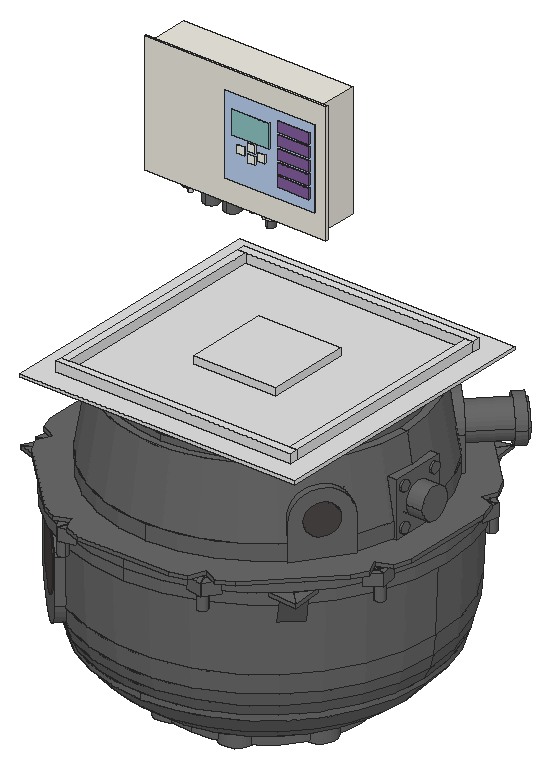
Revit family "281230x (200)", category Generic Models, Revit 2021
Family settings
  Can host rebar = No
  Round Connector Dimension = Use Diameter
  Part Type = Normal
  Work Plane-Based = No
  Always vertical = Yes
  Cut with Voids When Loaded = No
  Shared = Yes
  Room Calculation Point = No
Parameters (values of type "281230X")
  SUPPLIER = "KESSEL"
  SA700ID50 = "internal"
  SA700ID49 = "Protection Class I"
  SA700ID48 = "no"
  SA700ID47 = "no"
  SA700ID46 = "yes"
  SA700ID37 = 9000 mm
  SA700ID34 = 15.5
  SA700ID33 = 1.4 W
  SA700ID32 = 22.34 kg
  SA700ID31 = 1
  SA700ID30 = 2
  SA700ID29 = "RWDR"
  SA700ID21 = 900
  SA700ID10 = "No"
  SA700ID08 = 230 V
  PROCUREWEBLINK = "https://p.caden.as/kessel/281230X"
  PROCURELINK = "p.caden.as/kessel/281230X"
  PROCUREDATALASTUPDATE = "2024-05-22T12:17:21.692071381+01:00"
  PRC_SPECIFICATIONLINK = "https://ausschreiben.de/catalog/kessel/catalogItem/80ea36be-4b7e-4ca2-bd04-89d86ef68550"
  NN = "Lifting station Aqualift S compact"
  NBSYN = "$SA810ID03. ($LODLEVEL.)"
  NB = "281230X (200)"
  Model = "281230X"
  Manufacturer = "KESSEL"
  MIdent = "{$CADENAS_DATA/23d-libs/kessel/kessel_vdi_import/4/entwaesserung/hebeanlage20aqualift20s20compact.prj},216 {STYP=ASS},{VTYP=3D},{NB=281230X (200)},{LINA=281230X},{NN=Lifting station Aqualift S compact},{DATE=21.11.2022 10:40:35},{GEOMDATE=21.11.2022 10:40:35},{VERSION=},{LINEID=170},{WBVAR=LODLEVEL},{WBNUMERIC=LODLEVEL}  {NB=281230X (200)},{LINA=281230X},{KT=DUMMY},{PREVIEW=../../bilder/ksb_w_281230x.png},{SA700ID04=Hebeanlage Aqualift S Compact, Duo, GTF 1200, Bodenplatte, befliesbar},{SA810ID06=04026092082737},{SA700ID34=15.50},{SA010ID03=201805},{SA810ID03=281230X},{SA810ID10=Die steckerfertige Hebeanlage für fäkalienfreies Abwasser ist mit einer überflutbaren Pumpe sowie einem Rückflussverhinderer ausgestattet. Der Sammelbehälter aus dauerhaft beständigem Kunststoff (PE) besitzt einen offenen Pumpenraum. Einhandverschlüsse ermöglichen die einfache Entnahme der integrierten Komponenten. Die Anlage zum Einbau in die Bodenplatte ist vormontiert zur bauseitigen Endmontage.Die Steuerung erfolgt durch ein anwenderfreundliches Schaltgerät, das optional über einen potentialfreien Kontakt in die Gebäudeleittechnik eingebunden werden oder Alarm- und Sammelstörmeldungen über eine GSM-Schnittstelle ausgeben kann.- mit teleskopischem Aufsatzstück für stufenlosen Höhen- und Niveauausgleich und integriertem Bodenablauf- Sammelbehälter aus PE, beständig gegen aggressive Abwässer und 3 m Grundwasser- inklusive Rückflussverhinderer für die Druckleitung- inklusive Stutzen für Zulauf und Kabelleerrohr- Pumpe mit Freistromrad für höchste BetriebssicherheitAusführung:Anlagenart: DoppelanlagePumpensteuerung: SchaltgerätRückflussverhinderer: integriertAuslieferungszustand: installationsfertig (Verbindungsteile sind bauseits anzuschließen)Einbausituation: Einbau in die BodenplatteAbwasserart: fäkalienfreiAllgemeine Merkmale:Farbe: schwarzNorm: EN 12050-2Abmessungen:Länge: 617 mmBreite: 585 mmBehälter/Grundkörper:Zulauf Nennweite (DN): 100 mmDruckabgang (DN): 32 mmDruckabgang (DA): 40 mmEinbautiefe: 490 - 620 mmNutzvolumen: 20 lArt der Höhenverstellbarkeit: teleskopisches AufsatzstückAbdeckungsmerkmale:Abdeckungsart: befliesbare AbdeckplatteAbdeckung Material: KunststoffAbdeckung Farbe: silbergrauAblauffunktion: jaBodenbelaghöhe max.: 16 mmBelastungsklasse: K 3 (EN 1253-1)Länge: 366 mmBreite: 366 mmVerriegelung: Lock & LiftFreier Kugeldurchgang: 30 mmFördereinrichtung:Pumpe: GTF 1200Anzahl Pumpen: 2Förderleistung max.: 15,5 m3/hFörderhöhe max.: 9 mBetriebsspannung: 230 VNetzfrequenz: 50 HzBetriebsart: S3 - 10 %Leistung P1: 1,4 kWLeistung P2: 0,84 kWDrehzahl: 2.650 U/minErforderliche Absicherung (Leitungsschutz): C 16 AFörderguttemperatur (dauerhaft) max.: 40 °CAnschlusstyp: codierter SteckerLaufrad Typ: FreistromradLänge Netzanschlussleitung Pumpe: 5 mNennstrom: 6,2 ASchutzart Pumpe: IP 68 (3m)Typ Anschlussleitung Pumpe: H07RN-F 3G 1,0 mm2Temperaturüberwachung: integriertSteuerung:Schaltgerät: ComfortBetriebsspannung: 230 VNetzfrequenz: 50 HzSelbstdiagnosesystem (SDS): jaBatteriepufferung: jaMehrzeilige Displayanzeige: jaLogbuchfunktion: jaUSB-Schnittstelle: jaGSM-Schnittstelle: jaPotentialfreier Kontakt: optionalSchutzart Schaltgerät: IP 54Anschlusstyp: codierter SteckerLänge Netzanschlussleitung Schaltgerät: 1,4 mArt Niveauerfassung: pneumatischInstrument Niveauerfassung: TauchrohrAlarmgeber: optische Sonde},{SA700ID37=9.00},{SA700ID33=1.40},{SA700ID08=230},{SA700ID30=2},{SA700ID32=22.34},{SA700ID49=Schutzklasse I},{SA700ID50=intern},{SA200ID03=6},{SA250ID03=vertikal},{SA260ID03=Trockenläuferpumpe},{SA350ID03=normalansaugend},{SA400ID03=E-Motor für Wechselstrom},{SA460ID03=direkt},{SA500ID03=Kunststoff, Edelstahl},{SA700ID06=32},{SA700ID07=100},{SA700ID09=1/N/PE 230V },{SA700ID10=Nein},{SA700ID11=50},{SA700ID12=IP 68},{SA700ID13=F},{SA700ID15=35},{SA700ID21=900.00},{SA700ID22=0.84},{SA700ID23=2650},{SA700ID24=2650},{SA700ID26=6.20},{SA700ID27=14.90},{SA700ID28=durchgehend},{SA700ID29=RWDR},{SA700ID31=1},{SA700ID46=ja},{SA700ID47=nein},{SA700ID48=nein},{SA110ID04=Hebeanlage Aqualift S Compact},{SA300ID03=einstufig},{SA700ID44=10.00},{SA700ID45=10.00},{SA010ID04=KESSEL AG},{LODLEVEL=200},{LINK=https://www.kessel.de/info?han=281230X},{SA970ID01=970},{SA970ID02=14152},{SA970ID03=281230X},{SA970ID04=11002617},{SA970ID05=QUAD},{SA970ID06=-326},{SA970ID07=-291.04},{SA970ID08=0},{SA970ID09=1},{SA970ID10=0},{SA970ID11=0},{SA970ID12=0},{SA970ID13=1},{SA970ID14=0},{SA970ID15=617.04},{SA970ID16=582.09},{SA970ID17=488.5},{LODLEVEL_=200,'Low'},{LODLEVEL_DEU=200,'Low'},{LINK_=https://www.kessel.de/info?han=281230X},{LINK_DEU=https://www.kessel.de/info?han=281230X},{LODLEVEL_3DB=281230X_200},{DNIN1=100},{DNIN2=125},{DNIN3=100},{DNIN4=100},{DNOUT1=70},{DNOUT2=32},{ISD1=60},{ISD2=10},{ISD3=10},{SA010ID01=010},{SA010ID02=4},{SA010ID06=www.kessel.de},{SA010ID07=www.kessel.de},{SA010ID12=20180713},{SA010ID13=DEU},{SA010ID14=DE},{SA100ID01=100},{SA100ID02=4},{SA100ID04=Entwässerung},{SA110ID01=110},{SA110ID02=30},{SA200ID01=200},{SA200ID02=6},{SA250ID01=250},{SA250ID02=2},{SA260ID01=260},{SA260ID02=2},{SA300ID01=300},{SA300ID02=1},{SA350ID01=350},{SA350ID02=1},{SA400ID01=400},{SA400ID02=1},{SA460ID01=460},{SA460ID02=1},{SA500ID01=500},{SA500ID02=1},{SA700ID01=700},{SA700ID02=201},{SA700ID10_=0},{SA700ID16=0},{SA700ID25=0},{SA700ID46_=1},{SA700ID47_=0},{SA700ID48_=0},{SA700ID49_=1},{SA700ID50_=2},{SA800ID01=800},{SA800ID02=16},{SA810ID01=810},{SA810ID02=201},{SA810ID04=281230X},{SA810ID07=201},{SA810ID09=1},{SA810ID14=PCE},{SA810ID15=1},{SA810ID16=NMP},{SA960ID03=201},{SA960ID04=3L},{SA960ID08=https://www.kessel.de/info?han=281230X},{SA010ID08=4026092000007},{SA100ID05=Hebeanlage},{SA110ID06=Hebeanlage}"
  LINK = "https://www.kessel.de/info?han=281230X"
  LINA = "281230X"
  Default Elevation = 0 mm
  CREATOR = "CADENAS GmbH"
  CATALOG = "KESSEL"
  BOMINFO = "LINA"
  ARTICLENO = "NB"
  4.810.00.9 Order quantity (multiplicator) = "1"
  4.810.00.7 Media- connection number = "201"
  4.810.00.6 GTIN number = "04026092082737"
  4.810.00.4 DATANORM number = "281230X"
  4.810.00.3 Producer order number = "281230X"
  4.710.03.7 Mass (net) = 22.34 kg
  4.710.03.6 Height = 490 mm
  4.710.03.5 Width = 580 mm
  4.710.03.4 Length = 620 mm
  4.710.03.3 Type of dimensions = "2"
  4.710.02.8 Area of application of wastewater pump = "2"
  4.710.02.7 Art des S2/S3-Betriebs = "50 %"
  4.710.02.6 Duty type = "S3"
  4.710.02.5 Cutting device = "0"
  4.710.02.4 Attached pump control = "1"
  4.710.02.3 Free passage = 30 mm
  4.710.01.6 Option to connect to building automation = "30"
  4.710.01.5 Load regulation = "0"
  4.710.01.4 Designation of closed-loop control = "20"
  4.700.00.9 Voltage = 0
  4.700.00.8 Nominal connection size on suction side = "100"
  4.700.00.7 Nominal connection size on pressure side = "100"
  4.700.00.6 Type of connection = "32"
  4.700.00.4 Product indentification = "Hebeanlage Aqualift S Compact, Duo, GTF 1200, Bodenplatte, befliesbar"
  4.700.00.28 Motor pump shaft = "durchgehend"
  4.700.00.27 Starting current = 14.9
  4.700.00.26 Maximum power consumption per pump / drive = 6.2
  4.700.00.25 Minimum speed at internal speed adjustment = 0
  4.700.00.24 Nominal speed / maximum speed n = 44.1667
  4.700.00.23 Nominal speed of motor = 44.1667
  4.700.00.22 Maximum shaft output (P2) per pump/drive = 0.84 W
  4.700.00.16 Maximum temperature of pumped medium = 0 °C
  4.700.00.15 Increased safety class = "35 °C"
  4.700.00.13 Type of protection = "F"
  4.700.00.12 Frequency = 0
  4.700.00.11 Stern-/Dreieck-Anlaufschaltung bei Dreiphasenanschluss oder Drehstrom = "50 Hz"
  4.700.00.10 Phase = "0"
  4.500.00.3 Variant / Variant type / Accessories-name = "Kunststoff, Edelstahl"
  4.460.00.3 Variant / Variant type / Accessories-name = "direkt"
  4.400.00.3 Variant / Variant type / Accessories-name = "E-Motor für Wechselstrom"
  4.350.00.3 Variant / Variant type / Accessories-name = "normalansaugend"
  4.300.00.3 Variant / Variant type / Accessories-name = "einstufig"
  4.260.00.3 Variant / Variant type / Accessories-name = "Trockenläuferpumpe"
  4.250.00.3 Variant / Variant type / Accessories-name = "vertikal"
  4.200.00.3 Variant / Variant type / Accessories-name = "6"
  4.110.00.6 Product classification = "Hebeanlage"
  4.110.00.4 Product indentification = "Hebeanlage Aqualift S Compact"
  4.100.00.5 Main groups of wares = "Hebeanlage"
  4.100.00.4 Product indentification = "Entwässerung"
  4.010.00.8 Producer ID number = "4026092000007"
  4.010.00.7 Comment = "www.kessel.de"
  4.010.00.6 Web address of the manufacturer = "www.kessel.de"
  4.010.00.4 Manufacturer name = "KESSEL AG"
  4.010.00.3 Date of issuance (month) of guideline = "201805"
  4.010.00.2 Sheet number of the guideline = "4"
  4.010.00.14 Kennungen der Projektländer, für die die Datei gültig ist = "DE"
  4.010.00.13 Sprache der Datei = "DEU"
  4.010.00.12 Stand des Herstellerkatalogs = "20180713"
Reference planes
  plane 1 "Center (Front/Back)": y = 0
  plane 2: z = 0
  plane 3 "Center (Left/Right)": x = 0
Forms (mm)
  Extrusion 1, void
    sketch origin (-197.283, 197.283, 209) x (-0.707107, -0.707107, 0) y (0, 0, -1)
      loop
        line (-0.5, -0.5) -> (0.5, -0.5) -> (0.5, 0.5) -> (-0.5, 0.5) -> (-0.5, -0.5)
    from 0 to 1
  Extrusion 2, void
    sketch origin (-197.283, -197.283, 209) x (0.707107, -0.707107, 0) y (0, 0, -1)
      loop
        line (-0.5, -0.5) -> (0.5, -0.5) -> (0.5, 0.5) -> (-0.5, 0.5) -> (-0.5, -0.5)
    from 0 to 1
  Extrusion 3, void
    sketch origin (-247, 0, 370) x (0, -1, 0) y (0, 0, -1)
      loop
        line (-0.5, -0.5) -> (0.5, -0.5) -> (0.5, 0.5) -> (-0.5, 0.5) -> (-0.5, -0.5)
    from 0 to 1
  Extrusion 4, void
    sketch origin (242.226, 228.084, 376) x (-0.707107, 0.707107, 0) y (0, 0, -1)
      loop
        line (-0.5, -0.5) -> (0.5, -0.5) -> (0.5, 0.5) -> (-0.5, 0.5) -> (-0.5, -0.5)
    from 0 to 1
  Extrusion 5, void
    sketch origin (242.226, 228.084, 364) x (-0.707107, 0.707107, 0) y (0, 0, -1)
      loop
        line (-0.5, -0.5) -> (0.5, -0.5) -> (0.5, 0.5) -> (-0.5, 0.5) -> (-0.5, -0.5)
    from 0 to 1
  Extrusion 6, void
    sketch origin (228.084, 242.226, 376) x (-0.707107, 0.707107, 0) y (0, 0, -1)
      loop
        line (-0.5, -0.5) -> (0.5, -0.5) -> (0.5, 0.5) -> (-0.5, 0.5) -> (-0.5, -0.5)
    from 0 to 1
  Extrusion 7, void
    sketch origin (228.084, 242.226, 364) x (-0.707107, 0.707107, 0) y (0, 0, -1)
      loop
        line (-0.5, -0.5) -> (0.5, -0.5) -> (0.5, 0.5) -> (-0.5, 0.5) -> (-0.5, -0.5)
    from 0 to 1
Dimensions and locks
  locked: plane 2 to Extrusion 1 at 208.5
  locked: plane 2 to Extrusion 1 at 209.5
  locked: plane 2 to Extrusion 2 at 208.5
  locked: plane 2 to Extrusion 2 at 209.5
  locked: plane 2 to Extrusion 3 at 369.5
  locked: plane 2 to Extrusion 3 at 370.5
  locked: plane 2 to Extrusion 4 at 375.5
  locked: plane 2 to Extrusion 4 at 376.5
  locked: plane 2 to Extrusion 5 at 363.5
  locked: plane 2 to Extrusion 5 at 364.5
  locked: plane 2 to Extrusion 6 at 375.5
  locked: plane 2 to Extrusion 6 at 376.5
  locked: plane 2 to Extrusion 7 at 363.5
  locked: plane 2 to Extrusion 7 at 364.5
  aligned and locked: level to plane 2
Nested families
  nested 1: "281230x (200)_content" at (0, 0, 0), type "281230X (200)_Content"
  nested 2: "281230x (200)_part1_X0Y0" at (-194, 244.5, 558), type "281230X_PART1_X0Y0"
  nested 3: "281230x (200)_part2_X0Y0" at (0, 0, 0), type "281230X_PART2_X0Y0"
Connectors
  piping at (-112, 217, 557.2), diameter 10
    settings: on nested 2, index 1, connector inside diameter 609.6 mm, connector length 0 mm, flow factor 0, pipe flow 0.0 L/s, pressure drop 0.0 Pa, fitting loss kfactor 0, connector angle 0.00°, fixture units 0, engagement length 0 mm, angle of deflection 0.00°, flow configuration 0, flow direction 2, fitting loss method 2, system type 29, joint type 0, gender type 0, connector reference index -1, connector utility 0, adjustable connector no, is connector primary yes, connector description ""
  electrical at (-298, 217, 518.5)
    settings: on nested 2, index 2, voltage 0 V, apparent load 0 VA, apparent load phase1 0 VA, apparent load phase2 0 VA, apparent load phase3 0 VA, power factor 1, load classification "Other", number of poles 1, system type 31, power factor state 1, is connector primary yes, connector utility no, sub classification motor no, connector description ""
  electrical at (-264, 217, 515.9)
    settings: on nested 2, index 3, voltage 0 V, apparent load 0 VA, apparent load phase1 0 VA, apparent load phase2 0 VA, apparent load phase3 0 VA, power factor 1, load classification "Other", number of poles 1, system type 31, power factor state 1, is connector primary no, connector utility no, sub classification motor no, connector description ""
  electrical at (-230, 217, 515.9)
    settings: on nested 2, index 4, voltage 0 V, apparent load 0 VA, apparent load phase1 0 VA, apparent load phase2 0 VA, apparent load phase3 0 VA, power factor 1, load classification "Other", number of poles 1, system type 31, power factor state 1, is connector primary no, connector utility no, sub classification motor no, connector description ""
  electrical at (-192, 217, 528.2)
    settings: on nested 2, index 5, voltage 0 V, apparent load 0 VA, apparent load phase1 0 VA, apparent load phase2 0 VA, apparent load phase3 0 VA, power factor 1, load classification "Other", number of poles 1, system type 31, power factor state 1, is connector primary no, connector utility no, sub classification motor no, connector description ""
  electrical at (-168, 217, 513.45)
    settings: on nested 2, index 6, voltage 0 V, apparent load 0 VA, apparent load phase1 0 VA, apparent load phase2 0 VA, apparent load phase3 0 VA, power factor 1, load classification "Other", number of poles 1, system type 31, power factor state 1, is connector primary no, connector utility no, sub classification motor no, connector description ""
  electrical at (-140, 217, 557.2)
    settings: on nested 2, index 7, voltage 0 V, apparent load 0 VA, apparent load phase1 0 VA, apparent load phase2 0 VA, apparent load phase3 0 VA, power factor 1, load classification "Other", number of poles 1, system type 31, power factor state 1, is connector primary no, connector utility no, sub classification motor no, connector description ""
  piping at (-326, 0, 209), diameter 125
    settings: on nested 3, index 8, connector inside diameter 609.6 mm, connector length 0 mm, flow factor 0, pipe flow 0.0 L/s, pressure drop 0.0 Pa, fitting loss kfactor 0, connector angle 0.00°, fixture units 0, engagement length 0 mm, angle of deflection 0.00°, flow configuration 0, flow direction 1, fitting loss method 2, system type 29, joint type 0, gender type 0, connector reference index -1, connector utility 0, adjustable connector no, is connector primary no, connector description ""
  piping at (-197.283, 197.283, 209), diameter 100
    settings: on Extrusion 1, index 9, connector inside diameter 609.6 mm, connector length 0 mm, flow factor 0, pipe flow 0.0 L/s, pressure drop 0.0 Pa, fitting loss kfactor 0, connector angle 0.00°, fixture units 0, engagement length 0 mm, angle of deflection 0.00°, flow configuration 0, flow direction 0, fitting loss method 2, system type 29, joint type 0, gender type 0, connector reference index -1, connector utility 0, adjustable connector no, is connector primary no, connector description ""
  piping at (-197.283, -197.283, 209), diameter 100
    settings: on Extrusion 2, index 10, connector inside diameter 609.6 mm, connector length 0 mm, flow factor 0, pipe flow 0.0 L/s, pressure drop 0.0 Pa, fitting loss kfactor 0, connector angle 0.00°, fixture units 0, engagement length 0 mm, angle of deflection 0.00°, flow configuration 0, flow direction 0, fitting loss method 2, system type 29, joint type 0, gender type 0, connector reference index -1, connector utility 0, adjustable connector no, is connector primary no, connector description ""
  piping at (-247, 0, 370), diameter 70
    settings: on Extrusion 3, index 11, connector inside diameter 609.6 mm, connector length 0 mm, flow factor 0, pipe flow 0.0 L/s, pressure drop 0.0 Pa, fitting loss kfactor 0, connector angle 0.00°, fixture units 0, engagement length 0 mm, angle of deflection 0.00°, flow configuration 0, flow direction 0, fitting loss method 2, system type 29, joint type 0, gender type 0, connector reference index -1, connector utility 0, adjustable connector no, is connector primary no, connector description ""
  piping at (272.5, -3, 363.25), diameter 32
    settings: on nested 3, index 12, connector inside diameter 609.6 mm, connector length 0 mm, flow factor 0, pipe flow 0.0 L/s, pressure drop 0.0 Pa, fitting loss kfactor 0, connector angle 0.00°, fixture units 0, engagement length 0 mm, angle of deflection 0.00°, flow configuration 0, flow direction 2, fitting loss method 2, system type 29, joint type 0, gender type 0, connector reference index -1, connector utility 0, adjustable connector no, is connector primary no, connector description ""
  electrical at (242.226, 228.084, 376)
    settings: on Extrusion 4, index 13, voltage 0 V, apparent load 0 VA, apparent load phase1 0 VA, apparent load phase2 0 VA, apparent load phase3 0 VA, power factor 1, load classification "Other", number of poles 1, system type 31, power factor state 1, is connector primary no, connector utility no, sub classification motor no, connector description ""
  electrical at (242.226, 228.084, 364)
    settings: on Extrusion 5, index 14, voltage 0 V, apparent load 0 VA, apparent load phase1 0 VA, apparent load phase2 0 VA, apparent load phase3 0 VA, power factor 1, load classification "Other", number of poles 1, system type 31, power factor state 1, is connector primary no, connector utility no, sub classification motor no, connector description ""
  electrical at (228.084, 242.226, 376)
    settings: on Extrusion 6, index 15, voltage 0 V, apparent load 0 VA, apparent load phase1 0 VA, apparent load phase2 0 VA, apparent load phase3 0 VA, power factor 1, load classification "Other", number of poles 1, system type 31, power factor state 1, is connector primary no, connector utility no, sub classification motor no, connector description ""
  electrical at (228.084, 242.226, 364)
    settings: on Extrusion 7, index 16, voltage 0 V, apparent load 0 VA, apparent load phase1 0 VA, apparent load phase2 0 VA, apparent load phase3 0 VA, power factor 1, load classification "Other", number of poles 1, system type 31, power factor state 1, is connector primary no, connector utility no, sub classification motor no, connector description ""
Definition of nested family "281230x (200)_part1_X0Y0"
  Parameters (values of type "281230X_PART1_X0Y0")
    SUPPLIER = "KESSEL"
    SA700ID50 = "internal"
    SA700ID49 = "Protection Class I"
    SA700ID48 = "no"
    SA700ID47 = "no"
    SA700ID46 = "yes"
    SA700ID37 = 9000 mm
    SA700ID34 = 15.5
    SA700ID33 = 1.4 W
    SA700ID32 = 22.34 kg
    SA700ID31 = 1
    SA700ID30 = 2
    SA700ID29 = "RWDR"
    SA700ID21 = 900
    SA700ID10 = "No"
    SA700ID08 = 230 V
    NBSYN = "$SA810ID03. ($LODLEVEL.)_PART1"
    NB = "281230X (200)_PART1"
    Model = "281230X_PART1"
    Manufacturer = "KESSEL"
    MIdent = "{$CADENAS_DATA/23d-libs/kessel/kessel_vdi_import/4/entwaesserung/hebeanlage20aqualift20s20compact.prj},236 {VTYP=3D},{NB=281230X (200)_PART1},{LINA=281230X_PART1},{NN=Lifting station Aqualift S compact_PART1},{NOPRJ=TRUE},{DATE=21.11.2022 10:40:35},{GEOMDATE=21.11.2022 10:40:35},{VERSION=},{LINEID=170},{WBVAR=LODLEVEL},{WBNUMERIC=LODLEVEL}  {NB=281230X (200)_PART1},{LINA=281230X_PART1},{KT=DUMMY},{PREVIEW=../../bilder/ksb_w_281230x.png},{SA700ID04=Hebeanlage Aqualift S Compact, Duo, GTF 1200, Bodenplatte, befliesbar},{SA810ID06=04026092082737},{SA700ID34=15.50},{SA010ID03=201805},{SA810ID03=281230X},{SA810ID10=Die steckerfertige Hebeanlage für fäkalienfreies Abwasser ist mit einer überflutbaren Pumpe sowie einem Rückflussverhinderer ausgestattet. Der Sammelbehälter aus dauerhaft beständigem Kunststoff (PE) besitzt einen offenen Pumpenraum. Einhandverschlüsse ermöglichen die einfache Entnahme der integrierten Komponenten. Die Anlage zum Einbau in die Bodenplatte ist vormontiert zur bauseitigen Endmontage.Die Steuerung erfolgt durch ein anwenderfreundliches Schaltgerät, das optional über einen potentialfreien Kontakt in die Gebäudeleittechnik eingebunden werden oder Alarm- und Sammelstörmeldungen über eine GSM-Schnittstelle ausgeben kann.- mit teleskopischem Aufsatzstück für stufenlosen Höhen- und Niveauausgleich und integriertem Bodenablauf- Sammelbehälter aus PE, beständig gegen aggressive Abwässer und 3 m Grundwasser- inklusive Rückflussverhinderer für die Druckleitung- inklusive Stutzen für Zulauf und Kabelleerrohr- Pumpe mit Freistromrad für höchste BetriebssicherheitAusführung:Anlagenart: DoppelanlagePumpensteuerung: SchaltgerätRückflussverhinderer: integriertAuslieferungszustand: installationsfertig (Verbindungsteile sind bauseits anzuschließen)Einbausituation: Einbau in die BodenplatteAbwasserart: fäkalienfreiAllgemeine Merkmale:Farbe: schwarzNorm: EN 12050-2Abmessungen:Länge: 617 mmBreite: 585 mmBehälter/Grundkörper:Zulauf Nennweite (DN): 100 mmDruckabgang (DN): 32 mmDruckabgang (DA): 40 mmEinbautiefe: 490 - 620 mmNutzvolumen: 20 lArt der Höhenverstellbarkeit: teleskopisches AufsatzstückAbdeckungsmerkmale:Abdeckungsart: befliesbare AbdeckplatteAbdeckung Material: KunststoffAbdeckung Farbe: silbergrauAblauffunktion: jaBodenbelaghöhe max.: 16 mmBelastungsklasse: K 3 (EN 1253-1)Länge: 366 mmBreite: 366 mmVerriegelung: Lock & LiftFreier Kugeldurchgang: 30 mmFördereinrichtung:Pumpe: GTF 1200Anzahl Pumpen: 2Förderleistung max.: 15,5 m3/hFörderhöhe max.: 9 mBetriebsspannung: 230 VNetzfrequenz: 50 HzBetriebsart: S3 - 10 %Leistung P1: 1,4 kWLeistung P2: 0,84 kWDrehzahl: 2.650 U/minErforderliche Absicherung (Leitungsschutz): C 16 AFörderguttemperatur (dauerhaft) max.: 40 °CAnschlusstyp: codierter SteckerLaufrad Typ: FreistromradLänge Netzanschlussleitung Pumpe: 5 mNennstrom: 6,2 ASchutzart Pumpe: IP 68 (3m)Typ Anschlussleitung Pumpe: H07RN-F 3G 1,0 mm2Temperaturüberwachung: integriertSteuerung:Schaltgerät: ComfortBetriebsspannung: 230 VNetzfrequenz: 50 HzSelbstdiagnosesystem (SDS): jaBatteriepufferung: jaMehrzeilige Displayanzeige: jaLogbuchfunktion: jaUSB-Schnittstelle: jaGSM-Schnittstelle: jaPotentialfreier Kontakt: optionalSchutzart Schaltgerät: IP 54Anschlusstyp: codierter SteckerLänge Netzanschlussleitung Schaltgerät: 1,4 mArt Niveauerfassung: pneumatischInstrument Niveauerfassung: TauchrohrAlarmgeber: optische Sonde},{SA700ID37=9.00},{SA700ID33=1.40},{SA700ID08=230},{SA700ID30=2},{SA700ID32=22.34},{SA700ID49=Schutzklasse I},{SA700ID50=intern},{SA200ID03=6},{SA250ID03=vertikal},{SA260ID03=Trockenläuferpumpe},{SA350ID03=normalansaugend},{SA400ID03=E-Motor für Wechselstrom},{SA460ID03=direkt},{SA500ID03=Kunststoff, Edelstahl},{SA700ID06=32},{SA700ID07=100},{SA700ID09=1/N/PE 230V },{SA700ID10=Nein},{SA700ID11=50},{SA700ID12=IP 68},{SA700ID13=F},{SA700ID15=35},{SA700ID21=900.00},{SA700ID22=0.84},{SA700ID23=2650},{SA700ID24=2650},{SA700ID26=6.20},{SA700ID27=14.90},{SA700ID28=durchgehend},{SA700ID29=RWDR},{SA700ID31=1},{SA700ID46=ja},{SA700ID47=nein},{SA700ID48=nein},{SA110ID04=Hebeanlage Aqualift S Compact},{SA300ID03=einstufig},{SA700ID44=10.00},{SA700ID45=10.00},{SA010ID04=KESSEL AG},{LODLEVEL=200},{LINK=https://www.kessel.de/info?han=281230X},{SA970ID01=970},{SA970ID02=14152},{SA970ID03=281230X},{SA970ID04=11002617},{SA970ID05=QUAD},{SA970ID06=-326},{SA970ID07=-291.04},{SA970ID08=0},{SA970ID09=1},{SA970ID10=0},{SA970ID11=0},{SA970ID12=0},{SA970ID13=1},{SA970ID14=0},{SA970ID15=617.04},{SA970ID16=582.09},{SA970ID17=488.5},{LODLEVEL_=200,'Low'},{LODLEVEL_DEU=200,'Low'},{LINK_=https://www.kessel.de/info?han=281230X},{LINK_DEU=https://www.kessel.de/info?han=281230X},{LODLEVEL_3DB=281230X_200},{DNIN1=100},{DNIN2=125},{DNIN3=100},{DNIN4=100},{DNOUT1=70},{DNOUT2=32},{ISD1=60},{ISD2=10},{ISD3=10},{SA010ID01=010},{SA010ID02=4},{SA010ID06=www.kessel.de},{SA010ID07=www.kessel.de},{SA010ID12=20180713},{SA010ID13=DEU},{SA010ID14=DE},{SA100ID01=100},{SA100ID02=4},{SA100ID04=Entwässerung},{SA110ID01=110},{SA110ID02=30},{SA200ID01=200},{SA200ID02=6},{SA250ID01=250},{SA250ID02=2},{SA260ID01=260},{SA260ID02=2},{SA300ID01=300},{SA300ID02=1},{SA350ID01=350},{SA350ID02=1},{SA400ID01=400},{SA400ID02=1},{SA460ID01=460},{SA460ID02=1},{SA500ID01=500},{SA500ID02=1},{SA700ID01=700},{SA700ID02=201},{SA700ID10_=0},{SA700ID16=0},{SA700ID25=0},{SA700ID46_=1},{SA700ID47_=0},{SA700ID48_=0},{SA700ID49_=1},{SA700ID50_=2},{SA800ID01=800},{SA800ID02=16},{SA810ID01=810},{SA810ID02=201},{SA810ID04=281230X},{SA810ID07=201},{SA810ID09=1},{SA810ID14=PCE},{SA810ID15=1},{SA810ID16=NMP},{SA960ID03=201},{SA960ID04=3L},{SA960ID08=https://www.kessel.de/info?han=281230X},{SA010ID08=4026092000007},{SA100ID05=Hebeanlage},{SA110ID06=Hebeanlage}"
    LINK = "https://www.kessel.de/info?han=281230X"
    LINA = "281230X_PART1"
    Default Elevation = 1219.2 mm
    CREATOR = "CADENAS GmbH"
    CATALOG = "KESSEL"
    BOMINFO = "LINA"
    ARTICLENO = "NB"
    4.810.00.9 Order quantity (multiplicator) = "1"
    4.810.00.7 Media- connection number = "201"
    4.810.00.6 GTIN number = "04026092082737"
    4.810.00.4 DATANORM number = "281230X"
    4.810.00.3 Producer order number = "281230X"
    4.710.03.7 Mass (net) = 22.34 kg
    4.710.03.6 Height = 490 mm
    4.710.03.5 Width = 580 mm
    4.710.03.4 Length = 620 mm
    4.710.03.3 Type of dimensions = "2"
    4.710.02.8 Area of application of wastewater pump = "2"
    4.710.02.7 Art des S2/S3-Betriebs = "50 %"
    4.710.02.6 Duty type = "S3"
    4.710.02.5 Cutting device = "0"
    4.710.02.4 Attached pump control = "1"
    4.710.02.3 Free passage = 30 mm
    4.710.01.6 Option to connect to building automation = "30"
    4.710.01.5 Load regulation = "0"
    4.710.01.4 Designation of closed-loop control = "20"
    4.700.00.9 Voltage = 0
    4.700.00.8 Nominal connection size on suction side = "100"
    4.700.00.7 Nominal connection size on pressure side = "100"
    4.700.00.6 Type of connection = "32"
    4.700.00.4 Product indentification = "Hebeanlage Aqualift S Compact, Duo, GTF 1200, Bodenplatte, befliesbar"
    4.700.00.28 Motor pump shaft = "durchgehend"
    4.700.00.27 Starting current = 14.9
    4.700.00.26 Maximum power consumption per pump / drive = 6.2
    4.700.00.25 Minimum speed at internal speed adjustment = 0
    4.700.00.24 Nominal speed / maximum speed n = 44.1667
    4.700.00.23 Nominal speed of motor = 44.1667
    4.700.00.22 Maximum shaft output (P2) per pump/drive = 0.84 W
    4.700.00.16 Maximum temperature of pumped medium = 0 °C
    4.700.00.15 Increased safety class = "35 °C"
    4.700.00.13 Type of protection = "F"
    4.700.00.12 Frequency = 0
    4.700.00.11 Stern-/Dreieck-Anlaufschaltung bei Dreiphasenanschluss oder Drehstrom = "50 Hz"
    4.700.00.10 Phase = "0"
    4.500.00.3 Variant / Variant type / Accessories-name = "Kunststoff, Edelstahl"
    4.460.00.3 Variant / Variant type / Accessories-name = "direkt"
    4.400.00.3 Variant / Variant type / Accessories-name = "E-Motor für Wechselstrom"
    4.350.00.3 Variant / Variant type / Accessories-name = "normalansaugend"
    4.300.00.3 Variant / Variant type / Accessories-name = "einstufig"
    4.260.00.3 Variant / Variant type / Accessories-name = "Trockenläuferpumpe"
    4.250.00.3 Variant / Variant type / Accessories-name = "vertikal"
    4.200.00.3 Variant / Variant type / Accessories-name = "6"
    4.110.00.6 Product classification = "Hebeanlage"
    4.110.00.4 Product indentification = "Hebeanlage Aqualift S Compact"
    4.100.00.5 Main groups of wares = "Hebeanlage"
    4.100.00.4 Product indentification = "Entwässerung"
    4.010.00.8 Producer ID number = "4026092000007"
    4.010.00.7 Comment = "www.kessel.de"
    4.010.00.6 Web address of the manufacturer = "www.kessel.de"
    4.010.00.4 Manufacturer name = "KESSEL AG"
    4.010.00.3 Date of issuance (month) of guideline = "201805"
    4.010.00.2 Sheet number of the guideline = "4"
    4.010.00.14 Kennungen der Projektländer, für die die Datei gültig ist = "DE"
    4.010.00.13 Sprache der Datei = "DEU"
    4.010.00.12 Stand des Herstellerkatalogs = "20180713"
  Reference planes
    plane 1 "Center (Front/Back)": y = 0
    plane 2: z = 0
    plane 3 "Center (Left/Right)": x = 0
  Dimensions and locks
    aligned and locked: level to plane 2
  Nested families
    nested 1: "281230x (200)_part1_content" at (0, 0, 0), type "281230X (200)_PART1_Content"
  Definition of nested family "281230x (200)_part1_content"
    Parameters (values of type "281230X (200)_PART1_Content")
      SUPPLIER = "KESSEL"
      SA700ID50 = "internal"
      SA700ID49 = "Protection Class I"
      SA700ID48 = "no"
      SA700ID47 = "no"
      SA700ID46 = "yes"
      SA700ID37 = 9000 mm
      SA700ID34 = 15.5
      SA700ID33 = 1.4 W
      SA700ID32 = 22.34 kg
      SA700ID31 = 1
      SA700ID30 = 2
      SA700ID29 = "RWDR"
      SA700ID21 = 900
      SA700ID10 = "No"
      SA700ID08 = 230 V
      NBSYN = "$SA810ID03. ($LODLEVEL.)_PART1"
      NB = "281230X (200)_PART1"
      Model = "281230X_PART1"
      Manufacturer = "KESSEL"
      LINK = "https://www.kessel.de/info?han=281230X"
      LINA = "281230X_PART1"
      Default Elevation = 1219.2 mm
      CREATOR = "CADENAS GmbH"
      CATALOG = "KESSEL"
      BOMINFO = "LINA"
      ARTICLENO = "NB"
      4.810.00.9 Order quantity (multiplicator) = "1"
      4.810.00.7 Media- connection number = "201"
      4.810.00.6 GTIN number = "04026092082737"
      4.810.00.4 DATANORM number = "281230X"
      4.810.00.3 Producer order number = "281230X"
      4.710.03.7 Mass (net) = 22.34 kg
      4.710.03.6 Height = 490 mm
      4.710.03.5 Width = 580 mm
      4.710.03.4 Length = 620 mm
      4.710.03.3 Type of dimensions = "2"
      4.710.02.8 Area of application of wastewater pump = "2"
      4.710.02.7 Art des S2/S3-Betriebs = "50 %"
      4.710.02.6 Duty type = "S3"
      4.710.02.5 Cutting device = "0"
      4.710.02.4 Attached pump control = "1"
      4.710.02.3 Free passage = 30 mm
      4.710.01.6 Option to connect to building automation = "30"
      4.710.01.5 Load regulation = "0"
      4.710.01.4 Designation of closed-loop control = "20"
      4.700.00.9 Voltage = 0
      4.700.00.8 Nominal connection size on suction side = "100"
      4.700.00.7 Nominal connection size on pressure side = "100"
      4.700.00.6 Type of connection = "32"
      4.700.00.4 Product indentification = "Hebeanlage Aqualift S Compact, Duo, GTF 1200, Bodenplatte, befliesbar"
      4.700.00.28 Motor pump shaft = "durchgehend"
      4.700.00.27 Starting current = 14.9
      4.700.00.26 Maximum power consumption per pump / drive = 6.2
      4.700.00.25 Minimum speed at internal speed adjustment = 0
      4.700.00.24 Nominal speed / maximum speed n = 44.1667
      4.700.00.23 Nominal speed of motor = 44.1667
      4.700.00.22 Maximum shaft output (P2) per pump/drive = 0.84 W
      4.700.00.16 Maximum temperature of pumped medium = 0 °C
      4.700.00.15 Increased safety class = "35 °C"
      4.700.00.13 Type of protection = "F"
      4.700.00.12 Frequency = 0
      4.700.00.11 Stern-/Dreieck-Anlaufschaltung bei Dreiphasenanschluss oder Drehstrom = "50 Hz"
      4.700.00.10 Phase = "0"
      4.500.00.3 Variant / Variant type / Accessories-name = "Kunststoff, Edelstahl"
      4.460.00.3 Variant / Variant type / Accessories-name = "direkt"
      4.400.00.3 Variant / Variant type / Accessories-name = "E-Motor für Wechselstrom"
      4.350.00.3 Variant / Variant type / Accessories-name = "normalansaugend"
      4.300.00.3 Variant / Variant type / Accessories-name = "einstufig"
      4.260.00.3 Variant / Variant type / Accessories-name = "Trockenläuferpumpe"
      4.250.00.3 Variant / Variant type / Accessories-name = "vertikal"
      4.200.00.3 Variant / Variant type / Accessories-name = "6"
      4.110.00.6 Product classification = "Hebeanlage"
      4.110.00.4 Product indentification = "Hebeanlage Aqualift S Compact"
      4.100.00.5 Main groups of wares = "Hebeanlage"
      4.100.00.4 Product indentification = "Entwässerung"
      4.010.00.8 Producer ID number = "4026092000007"
      4.010.00.7 Comment = "www.kessel.de"
      4.010.00.6 Web address of the manufacturer = "www.kessel.de"
      4.010.00.4 Manufacturer name = "KESSEL AG"
      4.010.00.3 Date of issuance (month) of guideline = "201805"
      4.010.00.2 Sheet number of the guideline = "4"
      4.010.00.14 Kennungen der Projektländer, für die die Datei gültig ist = "DE"
      4.010.00.13 Sprache der Datei = "DEU"
      4.010.00.12 Stand des Herstellerkatalogs = "20180713"
    Reference planes
      plane 1 "Center (Front/Back)": y = 0
      plane 2: z = 0
      plane 3 "Center (Left/Right)": x = 0
    Forms (mm)
      Extrusion 1, solid, detail levels medium+fine
        sketch origin (49.8, -68, 72.2) x (0, -1, 0) y (0, 0, 1)
          loop
            line (-0.5, 12) -> (-0.5, 0) -> (1, 0) -> (1, 12) -> (-0.5, 12)
        from 0 to 12
      Extrusion 2, solid, detail levels medium+fine
        sketch origin (129.3, -67, 28.2) x (0, -1, 0) y (0, 0, 1)
          loop
            line (-0.5, 127) -> (-0.5, 0) -> (1, 0) -> (1, 127) -> (-0.5, 127)
        from 0 to 146
      Extrusion 3, solid, detail levels medium+fine
        sketch origin (33.3, -68, 80.45) x (0, -1, 0) y (0, 0, 1)
          loop
            line (-0.5, 12) -> (-0.5, 0) -> (1, 0) -> (1, 12) -> (-0.5, 12)
        from 0 to 12
      Extrusion 4, solid, detail levels medium+fine
        sketch origin (33.3, -68, 63.95) x (0, -1, 0) y (0, 0, 1)
          loop
            line (-0.5, 12) -> (-0.5, 0) -> (1, 0) -> (1, 12) -> (-0.5, 12)
        from 0 to 12
      Extrusion 5, solid, detail levels medium+fine
        sketch origin (56.3, -68, 95.45) x (0, -1, 0) y (0, 0, 1)
          loop
            line (-0.5, 37) -> (-0.5, 0) -> (1, 0) -> (1, 37) -> (-0.5, 37)
        from 0 to 60
      Extrusion 6, solid, detail levels medium+fine
        sketch origin (121.8, -68, 85.7) x (0, -1, 0) y (0, 0, 1)
          loop
            line (0, 16) -> (0, 0) -> (2, 0) -> (2, 16) -> (0, 16)
        from 0 to 51
      Extrusion 7, solid, detail levels medium+fine
        sketch origin (121.8, -68, 65.7) x (0, -1, 0) y (0, 0, 1)
          loop
            line (0, 16) -> (0, 0) -> (2, 0) -> (2, 16) -> (0, 16)
        from 0 to 51
      Extrusion 8, solid, detail levels medium+fine
        sketch origin (121.8, -68, 105.7) x (0, -1, 0) y (0, 0, 1)
          loop
            line (0, 16) -> (0, 0) -> (2, 0) -> (2, 16) -> (0, 16)
        from 0 to 51
      Extrusion 9, solid, detail levels medium+fine
        sketch origin (16.8, -68, 72.2) x (0, -1, 0) y (0, 0, 1)
          loop
            line (-0.5, 12) -> (-0.5, 0) -> (1, 0) -> (1, 12) -> (-0.5, 12)
        from 0 to 12
      Extrusion 10, solid, detail levels medium+fine
        sketch origin (121.8, -68, 45.7) x (0, -1, 0) y (0, 0, 1)
          loop
            line (0, 16) -> (0, 0) -> (2, 0) -> (2, 16) -> (0, 16)
        from 0 to 51
      Extrusion 11, solid, detail levels medium+fine
        sketch origin (147, -63.5, -7) x (0, -1, 0) y (0, 0, 1)
          loop
            line (0, 194) -> (0, 0) -> (3.5, 0) -> (3.5, 194) -> (0, 194)
        from 0 to 294
      Extrusion 12, solid, detail levels medium+fine
        sketch origin (136.25, 0, 0) x (0, -1, 0) y (0, 0, 1)
          loop
            line (0, 184) -> (0, 0) -> (63.5, 0) -> (63.5, 184) -> (0, 184)
        from 0 to 272.5
      Extrusion 13, solid, detail levels medium+fine
        sketch origin (121.75, -68, 125.75) x (0, -1, 0) y (0, 0, 1)
          loop
            line (0, 16) -> (0, 0) -> (2, 0) -> (2, 16) -> (0, 16)
        from 0 to 51
      Extrusion 14, solid, detail levels medium+fine
        sketch origin (26, -27.5, 0) x (1, 0, 0) y (0, -1, 0)
          loop
            circle (0, 0) r 11
        from 0 to 11
      Extrusion 15, solid, detail levels medium+fine
        sketch origin (26, -27.5, -11) x (1, 0, 0) y (0, -1, 0)
          loop
            circle (0, 0) r 11
        from 0 to 19.8
      Extrusion 16, solid, detail levels medium+fine
        sketch origin (26, -27.5, -29.8) x (1, 0, 0) y (0, -1, 0)
          loop
            circle (0, 0) r 6
        from 0 to 14.75
      Extrusion 17, solid, detail levels medium+fine
        sketch origin (2, -27.5, 0) x (1, 0, 0) y (0, -1, 0)
          loop
            circle (0, 0) r 11
        from 0 to 20
      Extrusion 18, solid, detail levels medium+fine
        sketch origin (2, -27.5, -20) x (1, 0, 0) y (0, -1, 0)
          loop
            circle (0, 0) r 8.65
        from 0 to 9.8
      Extrusion 19, solid, detail levels medium+fine
        sketch origin (-36, -27.5, 0) x (1, 0, 0) y (0, -1, 0)
          loop
            circle (0, 0) r 12
        from 0 to 15
      Extrusion 20, solid, detail levels medium+fine
        sketch origin (-36, -27.5, -15) x (1, 0, 0) y (0, -1, 0)
          loop
            circle (0, 0) r 11.75
        from 0 to 27.1
      Extrusion 21, solid, detail levels medium+fine
        sketch origin (54, -27.5, 2) x (1, 0, 0) y (0, -1, 0)
          loop
            circle (0, 0) r 10
        from 0 to 2.8
      Extrusion 22, solid, detail levels medium+fine
        sketch origin (-70, -27.5, 0) x (1, 0, 0) y (0, -1, 0)
          loop
            circle (0, 0) r 12
        from 0 to 15
      Extrusion 23, solid, detail levels medium+fine
        sketch origin (-70, -27.5, -15) x (1, 0, 0) y (0, -1, 0)
          loop
            circle (0, 0) r 11.75
        from 0 to 27.1
      Extrusion 24, solid, detail levels medium+fine
        sketch origin (82, -27.5, 2) x (1, 0, 0) y (0, -1, 0)
          loop
            circle (0, 0) r 10
        from 0 to 2.8
      Extrusion 25, solid, detail levels medium+fine
        sketch origin (-104, -27.5, 0) x (1, 0, 0) y (0, -1, 0)
          loop
            circle (0, 0) r 10
        from 0 to 9
      Extrusion 26, solid, detail levels medium+fine
        sketch origin (-104, -27.5, -9) x (1, 0, 0) y (0, -1, 0)
          loop
            circle (0, 0) r 11
        from 0 to 20.5
      Extrusion 27, solid, detail levels medium+fine
        sketch origin (-104, -27.5, -29.5) x (1, 0, 0) y (0, -1, 0)
          loop
            circle (0, 0) r 3
        from 0 to 10
      Extrusion 28, solid, detail levels medium+fine
        sketch origin (110, -27.5, 1.2) x (1, 0, 0) y (0, -1, 0)
          loop
            circle (0, 0) r 13.5
        from 0 to 2.8
      Extrusion 29, solid, detail levels coarse
        sketch origin (0, -35, -44.55) x (1, 0, 0) y (0, 1, 0)
          loop
            line (-147, -35) -> (147, -35) -> (147, 35) -> (-147, 35) -> (-147, -35)
        from 0 to 231.55
    Dimensions and locks
      aligned and locked: level to plane 2
Definition of nested family "281230x (200)_part2_X0Y0"
  Parameters (values of type "281230X_PART2_X0Y0")
    SUPPLIER = "KESSEL"
    SA700ID50 = "internal"
    SA700ID49 = "Protection Class I"
    SA700ID48 = "no"
    SA700ID47 = "no"
    SA700ID46 = "yes"
    SA700ID37 = 9000 mm
    SA700ID34 = 15.5
    SA700ID33 = 1.4 W
    SA700ID32 = 22.34 kg
    SA700ID31 = 1
    SA700ID30 = 2
    SA700ID29 = "RWDR"
    SA700ID21 = 900
    SA700ID10 = "No"
    SA700ID08 = 230 V
    NBSYN = "$SA810ID03. ($LODLEVEL.)_PART2"
    NB = "281230X (200)_PART2"
    Model = "281230X_PART2"
    Manufacturer = "KESSEL"
    MIdent = "{$CADENAS_DATA/23d-libs/kessel/kessel_vdi_import/4/entwaesserung/hebeanlage20aqualift20s20compact.prj},236 {VTYP=3D},{NB=281230X (200)_PART2},{LINA=281230X_PART2},{NN=Lifting station Aqualift S compact_PART2},{NOPRJ=TRUE},{DATE=21.11.2022 10:40:35},{GEOMDATE=21.11.2022 10:40:35},{VERSION=},{LINEID=170},{WBVAR=LODLEVEL},{WBNUMERIC=LODLEVEL}  {NB=281230X (200)_PART2},{LINA=281230X_PART2},{KT=DUMMY},{PREVIEW=../../bilder/ksb_w_281230x.png},{SA700ID04=Hebeanlage Aqualift S Compact, Duo, GTF 1200, Bodenplatte, befliesbar},{SA810ID06=04026092082737},{SA700ID34=15.50},{SA010ID03=201805},{SA810ID03=281230X},{SA810ID10=Die steckerfertige Hebeanlage für fäkalienfreies Abwasser ist mit einer überflutbaren Pumpe sowie einem Rückflussverhinderer ausgestattet. Der Sammelbehälter aus dauerhaft beständigem Kunststoff (PE) besitzt einen offenen Pumpenraum. Einhandverschlüsse ermöglichen die einfache Entnahme der integrierten Komponenten. Die Anlage zum Einbau in die Bodenplatte ist vormontiert zur bauseitigen Endmontage.Die Steuerung erfolgt durch ein anwenderfreundliches Schaltgerät, das optional über einen potentialfreien Kontakt in die Gebäudeleittechnik eingebunden werden oder Alarm- und Sammelstörmeldungen über eine GSM-Schnittstelle ausgeben kann.- mit teleskopischem Aufsatzstück für stufenlosen Höhen- und Niveauausgleich und integriertem Bodenablauf- Sammelbehälter aus PE, beständig gegen aggressive Abwässer und 3 m Grundwasser- inklusive Rückflussverhinderer für die Druckleitung- inklusive Stutzen für Zulauf und Kabelleerrohr- Pumpe mit Freistromrad für höchste BetriebssicherheitAusführung:Anlagenart: DoppelanlagePumpensteuerung: SchaltgerätRückflussverhinderer: integriertAuslieferungszustand: installationsfertig (Verbindungsteile sind bauseits anzuschließen)Einbausituation: Einbau in die BodenplatteAbwasserart: fäkalienfreiAllgemeine Merkmale:Farbe: schwarzNorm: EN 12050-2Abmessungen:Länge: 617 mmBreite: 585 mmBehälter/Grundkörper:Zulauf Nennweite (DN): 100 mmDruckabgang (DN): 32 mmDruckabgang (DA): 40 mmEinbautiefe: 490 - 620 mmNutzvolumen: 20 lArt der Höhenverstellbarkeit: teleskopisches AufsatzstückAbdeckungsmerkmale:Abdeckungsart: befliesbare AbdeckplatteAbdeckung Material: KunststoffAbdeckung Farbe: silbergrauAblauffunktion: jaBodenbelaghöhe max.: 16 mmBelastungsklasse: K 3 (EN 1253-1)Länge: 366 mmBreite: 366 mmVerriegelung: Lock & LiftFreier Kugeldurchgang: 30 mmFördereinrichtung:Pumpe: GTF 1200Anzahl Pumpen: 2Förderleistung max.: 15,5 m3/hFörderhöhe max.: 9 mBetriebsspannung: 230 VNetzfrequenz: 50 HzBetriebsart: S3 - 10 %Leistung P1: 1,4 kWLeistung P2: 0,84 kWDrehzahl: 2.650 U/minErforderliche Absicherung (Leitungsschutz): C 16 AFörderguttemperatur (dauerhaft) max.: 40 °CAnschlusstyp: codierter SteckerLaufrad Typ: FreistromradLänge Netzanschlussleitung Pumpe: 5 mNennstrom: 6,2 ASchutzart Pumpe: IP 68 (3m)Typ Anschlussleitung Pumpe: H07RN-F 3G 1,0 mm2Temperaturüberwachung: integriertSteuerung:Schaltgerät: ComfortBetriebsspannung: 230 VNetzfrequenz: 50 HzSelbstdiagnosesystem (SDS): jaBatteriepufferung: jaMehrzeilige Displayanzeige: jaLogbuchfunktion: jaUSB-Schnittstelle: jaGSM-Schnittstelle: jaPotentialfreier Kontakt: optionalSchutzart Schaltgerät: IP 54Anschlusstyp: codierter SteckerLänge Netzanschlussleitung Schaltgerät: 1,4 mArt Niveauerfassung: pneumatischInstrument Niveauerfassung: TauchrohrAlarmgeber: optische Sonde},{SA700ID37=9.00},{SA700ID33=1.40},{SA700ID08=230},{SA700ID30=2},{SA700ID32=22.34},{SA700ID49=Schutzklasse I},{SA700ID50=intern},{SA200ID03=6},{SA250ID03=vertikal},{SA260ID03=Trockenläuferpumpe},{SA350ID03=normalansaugend},{SA400ID03=E-Motor für Wechselstrom},{SA460ID03=direkt},{SA500ID03=Kunststoff, Edelstahl},{SA700ID06=32},{SA700ID07=100},{SA700ID09=1/N/PE 230V },{SA700ID10=Nein},{SA700ID11=50},{SA700ID12=IP 68},{SA700ID13=F},{SA700ID15=35},{SA700ID21=900.00},{SA700ID22=0.84},{SA700ID23=2650},{SA700ID24=2650},{SA700ID26=6.20},{SA700ID27=14.90},{SA700ID28=durchgehend},{SA700ID29=RWDR},{SA700ID31=1},{SA700ID46=ja},{SA700ID47=nein},{SA700ID48=nein},{SA110ID04=Hebeanlage Aqualift S Compact},{SA300ID03=einstufig},{SA700ID44=10.00},{SA700ID45=10.00},{SA010ID04=KESSEL AG},{LODLEVEL=200},{LINK=https://www.kessel.de/info?han=281230X},{SA970ID01=970},{SA970ID02=14152},{SA970ID03=281230X},{SA970ID04=11002617},{SA970ID05=QUAD},{SA970ID06=-326},{SA970ID07=-291.04},{SA970ID08=0},{SA970ID09=1},{SA970ID10=0},{SA970ID11=0},{SA970ID12=0},{SA970ID13=1},{SA970ID14=0},{SA970ID15=617.04},{SA970ID16=582.09},{SA970ID17=488.5},{LODLEVEL_=200,'Low'},{LODLEVEL_DEU=200,'Low'},{LINK_=https://www.kessel.de/info?han=281230X},{LINK_DEU=https://www.kessel.de/info?han=281230X},{LODLEVEL_3DB=281230X_200},{DNIN1=100},{DNIN2=125},{DNIN3=100},{DNIN4=100},{DNOUT1=70},{DNOUT2=32},{ISD1=60},{ISD2=10},{ISD3=10},{SA010ID01=010},{SA010ID02=4},{SA010ID06=www.kessel.de},{SA010ID07=www.kessel.de},{SA010ID12=20180713},{SA010ID13=DEU},{SA010ID14=DE},{SA100ID01=100},{SA100ID02=4},{SA100ID04=Entwässerung},{SA110ID01=110},{SA110ID02=30},{SA200ID01=200},{SA200ID02=6},{SA250ID01=250},{SA250ID02=2},{SA260ID01=260},{SA260ID02=2},{SA300ID01=300},{SA300ID02=1},{SA350ID01=350},{SA350ID02=1},{SA400ID01=400},{SA400ID02=1},{SA460ID01=460},{SA460ID02=1},{SA500ID01=500},{SA500ID02=1},{SA700ID01=700},{SA700ID02=201},{SA700ID10_=0},{SA700ID16=0},{SA700ID25=0},{SA700ID46_=1},{SA700ID47_=0},{SA700ID48_=0},{SA700ID49_=1},{SA700ID50_=2},{SA800ID01=800},{SA800ID02=16},{SA810ID01=810},{SA810ID02=201},{SA810ID04=281230X},{SA810ID07=201},{SA810ID09=1},{SA810ID14=PCE},{SA810ID15=1},{SA810ID16=NMP},{SA960ID03=201},{SA960ID04=3L},{SA960ID08=https://www.kessel.de/info?han=281230X},{SA010ID08=4026092000007},{SA100ID05=Hebeanlage},{SA110ID06=Hebeanlage}"
    LINK = "https://www.kessel.de/info?han=281230X"
    LINA = "281230X_PART2"
    Default Elevation = 1219.2 mm
    CREATOR = "CADENAS GmbH"
    CATALOG = "KESSEL"
    BOMINFO = "LINA"
    ARTICLENO = "NB"
    4.810.00.9 Order quantity (multiplicator) = "1"
    4.810.00.7 Media- connection number = "201"
    4.810.00.6 GTIN number = "04026092082737"
    4.810.00.4 DATANORM number = "281230X"
    4.810.00.3 Producer order number = "281230X"
    4.710.03.7 Mass (net) = 22.34 kg
    4.710.03.6 Height = 490 mm
    4.710.03.5 Width = 580 mm
    4.710.03.4 Length = 620 mm
    4.710.03.3 Type of dimensions = "2"
    4.710.02.8 Area of application of wastewater pump = "2"
    4.710.02.7 Art des S2/S3-Betriebs = "50 %"
    4.710.02.6 Duty type = "S3"
    4.710.02.5 Cutting device = "0"
    4.710.02.4 Attached pump control = "1"
    4.710.02.3 Free passage = 30 mm
    4.710.01.6 Option to connect to building automation = "30"
    4.710.01.5 Load regulation = "0"
    4.710.01.4 Designation of closed-loop control = "20"
    4.700.00.9 Voltage = 0
    4.700.00.8 Nominal connection size on suction side = "100"
    4.700.00.7 Nominal connection size on pressure side = "100"
    4.700.00.6 Type of connection = "32"
    4.700.00.4 Product indentification = "Hebeanlage Aqualift S Compact, Duo, GTF 1200, Bodenplatte, befliesbar"
    4.700.00.28 Motor pump shaft = "durchgehend"
    4.700.00.27 Starting current = 14.9
    4.700.00.26 Maximum power consumption per pump / drive = 6.2
    4.700.00.25 Minimum speed at internal speed adjustment = 0
    4.700.00.24 Nominal speed / maximum speed n = 44.1667
    4.700.00.23 Nominal speed of motor = 44.1667
    4.700.00.22 Maximum shaft output (P2) per pump/drive = 0.84 W
    4.700.00.16 Maximum temperature of pumped medium = 0 °C
    4.700.00.15 Increased safety class = "35 °C"
    4.700.00.13 Type of protection = "F"
    4.700.00.12 Frequency = 0
    4.700.00.11 Stern-/Dreieck-Anlaufschaltung bei Dreiphasenanschluss oder Drehstrom = "50 Hz"
    4.700.00.10 Phase = "0"
    4.500.00.3 Variant / Variant type / Accessories-name = "Kunststoff, Edelstahl"
    4.460.00.3 Variant / Variant type / Accessories-name = "direkt"
    4.400.00.3 Variant / Variant type / Accessories-name = "E-Motor für Wechselstrom"
    4.350.00.3 Variant / Variant type / Accessories-name = "normalansaugend"
    4.300.00.3 Variant / Variant type / Accessories-name = "einstufig"
    4.260.00.3 Variant / Variant type / Accessories-name = "Trockenläuferpumpe"
    4.250.00.3 Variant / Variant type / Accessories-name = "vertikal"
    4.200.00.3 Variant / Variant type / Accessories-name = "6"
    4.110.00.6 Product classification = "Hebeanlage"
    4.110.00.4 Product indentification = "Hebeanlage Aqualift S Compact"
    4.100.00.5 Main groups of wares = "Hebeanlage"
    4.100.00.4 Product indentification = "Entwässerung"
    4.010.00.8 Producer ID number = "4026092000007"
    4.010.00.7 Comment = "www.kessel.de"
    4.010.00.6 Web address of the manufacturer = "www.kessel.de"
    4.010.00.4 Manufacturer name = "KESSEL AG"
    4.010.00.3 Date of issuance (month) of guideline = "201805"
    4.010.00.2 Sheet number of the guideline = "4"
    4.010.00.14 Kennungen der Projektländer, für die die Datei gültig ist = "DE"
    4.010.00.13 Sprache der Datei = "DEU"
    4.010.00.12 Stand des Herstellerkatalogs = "20180713"
  Reference planes
    plane 1 "Center (Front/Back)": y = 0
    plane 2: z = 0
    plane 3 "Center (Left/Right)": x = 0
  Dimensions and locks
    aligned and locked: level to plane 2
  Nested families
    nested 1: "281230x (200)_part2_content" at (0, 0, 0), type "281230X (200)_PART2_Content"
  Definition of nested family "281230x (200)_part2_content"
    Parameters (values of type "281230X (200)_PART2_Content")
      SUPPLIER = "KESSEL"
      SA700ID50 = "internal"
      SA700ID49 = "Protection Class I"
      SA700ID48 = "no"
      SA700ID47 = "no"
      SA700ID46 = "yes"
      SA700ID37 = 9000 mm
      SA700ID34 = 15.5
      SA700ID33 = 1.4 W
      SA700ID32 = 22.34 kg
      SA700ID31 = 1
      SA700ID30 = 2
      SA700ID29 = "RWDR"
      SA700ID21 = 900
      SA700ID10 = "No"
      SA700ID08 = 230 V
      NBSYN = "$SA810ID03. ($LODLEVEL.)_PART2"
      NB = "281230X (200)_PART2"
      Model = "281230X_PART2"
      Manufacturer = "KESSEL"
      LINK = "https://www.kessel.de/info?han=281230X"
      LINA = "281230X_PART2"
      Default Elevation = 1219.2 mm
      CREATOR = "CADENAS GmbH"
      CATALOG = "KESSEL"
      BOMINFO = "LINA"
      ARTICLENO = "NB"
      4.810.00.9 Order quantity (multiplicator) = "1"
      4.810.00.7 Media- connection number = "201"
      4.810.00.6 GTIN number = "04026092082737"
      4.810.00.4 DATANORM number = "281230X"
      4.810.00.3 Producer order number = "281230X"
      4.710.03.7 Mass (net) = 22.34 kg
      4.710.03.6 Height = 490 mm
      4.710.03.5 Width = 580 mm
      4.710.03.4 Length = 620 mm
      4.710.03.3 Type of dimensions = "2"
      4.710.02.8 Area of application of wastewater pump = "2"
      4.710.02.7 Art des S2/S3-Betriebs = "50 %"
      4.710.02.6 Duty type = "S3"
      4.710.02.5 Cutting device = "0"
      4.710.02.4 Attached pump control = "1"
      4.710.02.3 Free passage = 30 mm
      4.710.01.6 Option to connect to building automation = "30"
      4.710.01.5 Load regulation = "0"
      4.710.01.4 Designation of closed-loop control = "20"
      4.700.00.9 Voltage = 0
      4.700.00.8 Nominal connection size on suction side = "100"
      4.700.00.7 Nominal connection size on pressure side = "100"
      4.700.00.6 Type of connection = "32"
      4.700.00.4 Product indentification = "Hebeanlage Aqualift S Compact, Duo, GTF 1200, Bodenplatte, befliesbar"
      4.700.00.28 Motor pump shaft = "durchgehend"
      4.700.00.27 Starting current = 14.9
      4.700.00.26 Maximum power consumption per pump / drive = 6.2
      4.700.00.25 Minimum speed at internal speed adjustment = 0
      4.700.00.24 Nominal speed / maximum speed n = 44.1667
      4.700.00.23 Nominal speed of motor = 44.1667
      4.700.00.22 Maximum shaft output (P2) per pump/drive = 0.84 W
      4.700.00.16 Maximum temperature of pumped medium = 0 °C
      4.700.00.15 Increased safety class = "35 °C"
      4.700.00.13 Type of protection = "F"
      4.700.00.12 Frequency = 0
      4.700.00.11 Stern-/Dreieck-Anlaufschaltung bei Dreiphasenanschluss oder Drehstrom = "50 Hz"
      4.700.00.10 Phase = "0"
      4.500.00.3 Variant / Variant type / Accessories-name = "Kunststoff, Edelstahl"
      4.460.00.3 Variant / Variant type / Accessories-name = "direkt"
      4.400.00.3 Variant / Variant type / Accessories-name = "E-Motor für Wechselstrom"
      4.350.00.3 Variant / Variant type / Accessories-name = "normalansaugend"
      4.300.00.3 Variant / Variant type / Accessories-name = "einstufig"
      4.260.00.3 Variant / Variant type / Accessories-name = "Trockenläuferpumpe"
      4.250.00.3 Variant / Variant type / Accessories-name = "vertikal"
      4.200.00.3 Variant / Variant type / Accessories-name = "6"
      4.110.00.6 Product classification = "Hebeanlage"
      4.110.00.4 Product indentification = "Hebeanlage Aqualift S Compact"
      4.100.00.5 Main groups of wares = "Hebeanlage"
      4.100.00.4 Product indentification = "Entwässerung"
      4.010.00.8 Producer ID number = "4026092000007"
      4.010.00.7 Comment = "www.kessel.de"
      4.010.00.6 Web address of the manufacturer = "www.kessel.de"
      4.010.00.4 Manufacturer name = "KESSEL AG"
      4.010.00.3 Date of issuance (month) of guideline = "201805"
      4.010.00.2 Sheet number of the guideline = "4"
      4.010.00.14 Kennungen der Projektländer, für die die Datei gültig ist = "DE"
      4.010.00.13 Sprache der Datei = "DEU"
      4.010.00.12 Stand des Herstellerkatalogs = "20180713"
    Reference planes
      plane 1 "Center (Front/Back)": y = 0
      plane 2: z = 0
      plane 3 "Center (Left/Right)": x = 0
    Forms (mm)
      Extrusion 1, solid, detail levels medium+fine
        sketch origin (0, 0, 2) x (0, 1, 0) y (-1, 0, 0)
          loop
            circle (0, 0) r 153
        from 0 to 26.5
      Revolve 2, solid, detail levels medium+fine
        sketch origin (0, 0, 21) x (0, 0, 1) y (-1, 0, 0)
          loop
            line (0, 0) -> (16, 0) -> (16, 193) -> (0, 153) -> (0, 0)
          axis (16, 0) -> (0, 0)
        angle from -360 to 0
      Revolve 3, solid, detail levels medium+fine
        sketch origin (0, 0, 37) x (0, 0, 1) y (-1, 0, 0)
          loop
            line (0, 0) -> (24, 0) -> (24, 225) -> (0, 193) -> (0, 0)
          axis (24, 0) -> (0, 0)
        angle from -360 to 0
      Revolve 4, solid, detail levels medium+fine
        sketch origin (0, 0, 61) x (0, 0, 1) y (-1, 0, 0)
          loop
            line (0, 0) -> (33, 0) -> (33, 255) -> (0, 225) -> (0, 0)
          axis (33, 0) -> (0, 0)
        angle from -360 to 0
      Extrusion 5, solid, detail levels medium+fine
        sketch origin (0, 0, 94) x (0, 1, 0) y (-1, 0, 0)
          loop
            circle (0, 0) r 255
        from 0 to 9
      Revolve 6, solid, detail levels medium+fine
        sketch origin (0, 0, 103) x (0, 0, 1) y (-1, 0, 0)
          loop
            line (0, 0) -> (18, 0) -> (18, 263.5) -> (0, 255) -> (0, 0)
          axis (18, 0) -> (0, 0)
        angle from -360 to 0
      Revolve 7, solid, detail levels medium+fine
        sketch origin (0, 0, 121) x (0, 0, 1) y (-1, 0, 0)
          loop
            line (0, 0) -> (20, 0) -> (20, 269.5) -> (0, 263.5) -> (0, 0)
          axis (20, 0) -> (0, 0)
        angle from -360 to 0
      Revolve 8, solid, detail levels medium+fine
        sketch origin (0, 0, 141) x (0, 0, 1) y (-1, 0, 0)
          loop
            line (0, 0) -> (30, 0) -> (30, 272.75) -> (0, 269.5) -> (0, 0)
          axis (30, 0) -> (0, 0)
        angle from -360 to 0
      Revolve 9, solid, detail levels medium+fine
        sketch origin (0, 0, 171) x (0, 0, 1) y (-1, 0, 0)
          loop
            line (0, 0) -> (111, 0) -> (111, 277) -> (0, 272.75) -> (0, 0)
          axis (111, 0) -> (0, 0)
        angle from -360 to 0
      Extrusion 10, solid, detail levels medium+fine
        sketch origin (0, 0, 282) x (0, 1, 0) y (-1, 0, 0)
          loop
            circle (0, 0) r 290.5
        from 0 to 18
      Extrusion 11, solid, detail levels medium+fine
        sketch origin (0, 0, 300) x (0, 1, 0) y (-1, 0, 0)
          loop
            circle (0, 0) r 291
        from 0 to 14
      Extrusion 12, solid, detail levels medium+fine
        sketch origin (0, 0, 314) x (1, 0, 0) y (0, 1, 0)
          loop
            line (-291.044, -72.937) -> (-283.487, -98.291) -> (-260.422, -107.913) -> (-269.955, -130.928) -> (-257.458, -154.14) -> (-154.225, -257.373) -> (-130.953, -269.958) -> (-107.84, -260.453) -> (-98.307, -283.467) -> (-73.056, -291.044) -> (72.937, -291.044) -> (98.291, -283.487) -> (107.913, -260.422) -> (130.928, -269.955) -> (154.14, -257.458) -> (257.694, -153.632) -> (269.958, -130.953) -> (260.394, -107.864) -> (283.467, -98.307) -> (291.044, -73.056) -> (291.044, 72.937) -> (283.487, 98.291) -> (260.422, 107.913) -> (269.955, 130.928) -> (257.458, 154.14) -> (154.225, 257.373) -> (130.953, 269.958) -> (107.84, 260.453) -> (98.307, 283.467) -> (73.056, 291.044) -> (-72.937, 291.044) -> (-98.291, 283.487) -> (-107.913, 260.422) -> (-130.928, 269.955) -> (-154.14, 257.458) -> (-257.373, 154.225) -> (-269.958, 130.953) -> (-260.453, 107.84) -> (-283.467, 98.307) -> (-291.044, 73.056) -> (-291.044, -72.937)
        from 0 to 6
      Extrusion 13, solid, detail levels medium+fine
        sketch origin (0, 0, 320) x (0, 1, 0) y (-1, 0, 0)
          loop
            circle (0, 0) r 245.25
        from 0 to 24.5
      Revolve 14, solid, detail levels medium+fine
        sketch origin (0, 0, 344.5) x (0, 0, 1) y (-1, 0, 0)
          loop
            line (0, 0) -> (106.5, 0) -> (106.5, 227) -> (0, 245.25) -> (0, 0)
